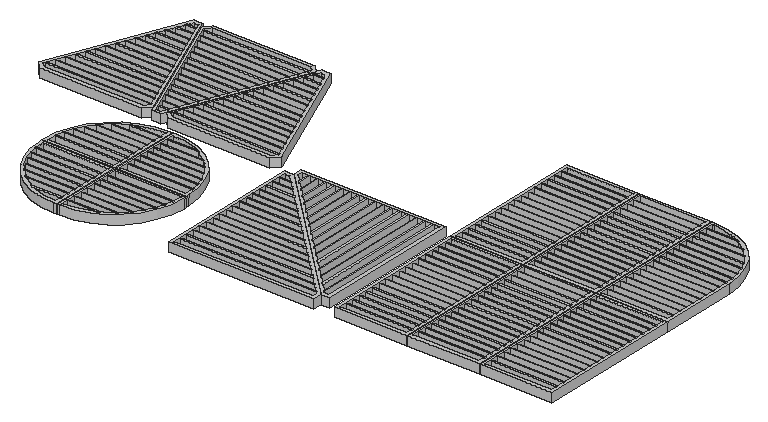
Revit family "CDL-WFD-006_MARTHA'S_RFA", category Modelos genéricos, Revit 2022 (continued)
Forms (in)
  Extrusion 208, solid, not visible
    sketch origin (0, 24, 0) x (0, 1, 0) y (0, 0, 1)
      loop
        line (0.42351, 2.24072) -> (0.33294, 2.15016) -> (0.33294, 1.7291)
    from 0 to 96.9361
  Extrusion 209, solid, not visible
    sketch origin (0, 48, 0) x (0, 1, 0) y (0, 0, 1)
      loop
        line (0.42221, 1.66259) -> (0.42231, 0.67354)
        arc (0.42231, 0.67354) -> (0.41009, 0.64403) -> (0.38057, 0.6318) r 0.04174
        line (0.38057, 0.6318) -> (-0.00639, 0.6318) -> (-0.00639, 0.59057) -> (0.8874, 0.59057) -> (0.8874, 0.6318) -> (0.49998, 0.6318)
        arc (0.49998, 0.6318) -> (0.47046, 0.64403) -> (0.45824, 0.67354) r 0.04174
        line (0.45824, 0.67354) -> (0.45834, 1.66259)
        arc (0.45834, 1.66259) -> (0.46543, 1.67969) -> (0.48252, 1.68677) r 0.02418
        line (0.48252, 1.68677) -> (0.52252, 1.68677)
        arc (0.52252, 1.68677) -> (0.55303, 1.69941) -> (0.56566, 1.72991) r 0.04314
        line (0.56566, 1.72991) -> (0.56566, 2.14095)
        arc (0.56566, 2.14095) -> (0.5626, 2.15637) -> (0.55386, 2.16944) r 0.04029
        line (0.55386, 2.16944) -> (0.47053, 2.25277)
        arc (0.47053, 2.25277) -> (0.44027, 2.2653) -> (0.41002, 2.25277) r 0.04279
        line (0.41002, 2.25277) -> (0.32669, 2.16944)
        arc (0.32669, 2.16944) -> (0.31795, 2.15637) -> (0.31489, 2.14095) r 0.04029
        line (0.31489, 2.14095) -> (0.31489, 1.72991)
        arc (0.31489, 1.72991) -> (0.32752, 1.69941) -> (0.35803, 1.68677) r 0.04314
        line (0.35803, 1.68677) -> (0.39803, 1.68677)
        arc (0.39803, 1.68677) -> (0.41512, 1.67969) -> (0.42221, 1.66259) r 0.02418
      loop
        arc (0.33294, 1.7291) -> (0.34005, 1.71194) -> (0.35722, 1.70483) r 0.02428
        line (0.35722, 1.70483) -> (0.39815, 1.70483)
        arc (0.39815, 1.70483) -> (0.42797, 1.69248) -> (0.44023, 1.66266) r 0.04217
        arc (0.44023, 1.66266) -> (0.45258, 1.69248) -> (0.4824, 1.70483) r 0.04217
        line (0.4824, 1.70483) -> (0.52333, 1.70483)
        arc (0.52333, 1.70483) -> (0.54049, 1.71194) -> (0.54761, 1.7291) r 0.02428
        line (0.54761, 1.7291) -> (0.54761, 2.15016) -> (0.45704, 2.24072)
        arc (0.45704, 2.24072) -> (0.44027, 2.24767) -> (0.42351, 2.24072) r 0.02371
        line (0.42351, 2.24072) -> (0.33294, 2.15016) -> (0.33294, 1.7291)
    from 0 to 96.9361
  Extrusion 210, solid, not visible
    sketch origin (0, 72, 0) x (0, 1, 0) y (0, 0, 1)
      loop
        line (0.42221, 1.66259) -> (0.42231, 0.67354)
        arc (0.42231, 0.67354) -> (0.41009, 0.64403) -> (0.38057, 0.6318) r 0.04174
        line (0.38057, 0.6318) -> (-0.00639, 0.6318) -> (-0.00639, 0.59057) -> (0.8874, 0.59057) -> (0.8874, 0.6318) -> (0.49998, 0.6318)
        arc (0.49998, 0.6318) -> (0.47046, 0.64403) -> (0.45824, 0.67354) r 0.04174
        line (0.45824, 0.67354) -> (0.45834, 1.66259)
        arc (0.45834, 1.66259) -> (0.46543, 1.67969) -> (0.48252, 1.68677) r 0.02418
        line (0.48252, 1.68677) -> (0.52252, 1.68677)
        arc (0.52252, 1.68677) -> (0.55303, 1.69941) -> (0.56566, 1.72991) r 0.04314
        line (0.56566, 1.72991) -> (0.56566, 2.14095)
        arc (0.56566, 2.14095) -> (0.5626, 2.15637) -> (0.55386, 2.16944) r 0.04029
        line (0.55386, 2.16944) -> (0.47053, 2.25277)
        arc (0.47053, 2.25277) -> (0.44027, 2.2653) -> (0.41002, 2.25277) r 0.04279
        line (0.41002, 2.25277) -> (0.32669, 2.16944)
        arc (0.32669, 2.16944) -> (0.31795, 2.15637) -> (0.31489, 2.14095) r 0.04029
        line (0.31489, 2.14095) -> (0.31489, 1.72991)
        arc (0.31489, 1.72991) -> (0.32752, 1.69941) -> (0.35803, 1.68677) r 0.04314
        line (0.35803, 1.68677) -> (0.39803, 1.68677)
        arc (0.39803, 1.68677) -> (0.41512, 1.67969) -> (0.42221, 1.66259) r 0.02418
      loop
        arc (0.33294, 1.7291) -> (0.34005, 1.71194) -> (0.35722, 1.70483) r 0.02428
        line (0.35722, 1.70483) -> (0.39815, 1.70483)
        arc (0.39815, 1.70483) -> (0.42797, 1.69248) -> (0.44023, 1.66266) r 0.04217
        arc (0.44023, 1.66266) -> (0.45258, 1.69248) -> (0.4824, 1.70483) r 0.04217
        line (0.4824, 1.70483) -> (0.52333, 1.70483)
        arc (0.52333, 1.70483) -> (0.54049, 1.71194) -> (0.54761, 1.7291) r 0.02428
        line (0.54761, 1.7291) -> (0.54761, 2.15016) -> (0.45704, 2.24072)
        arc (0.45704, 2.24072) -> (0.44027, 2.24767) -> (0.42351, 2.24072) r 0.02371
        line (0.42351, 2.24072) -> (0.33294, 2.15016) -> (0.33294, 1.7291)
    from 0 to 96.9361
  Extrusion 211, solid, not visible
    sketch origin (0, 96, 0) x (0, 1, 0) y (0, 0, 1)
      loop
        line (0.42221, 1.66259) -> (0.42231, 0.67354)
        arc (0.42231, 0.67354) -> (0.41009, 0.64403) -> (0.38057, 0.6318) r 0.04174
        line (0.38057, 0.6318) -> (-0.00639, 0.6318) -> (-0.00639, 0.59057) -> (0.8874, 0.59057) -> (0.8874, 0.6318) -> (0.49998, 0.6318)
        arc (0.49998, 0.6318) -> (0.47046, 0.64403) -> (0.45824, 0.67354) r 0.04174
        line (0.45824, 0.67354) -> (0.45834, 1.66259)
        arc (0.45834, 1.66259) -> (0.46543, 1.67969) -> (0.48252, 1.68677) r 0.02418
        line (0.48252, 1.68677) -> (0.52252, 1.68677)
        arc (0.52252, 1.68677) -> (0.55303, 1.69941) -> (0.56566, 1.72991) r 0.04314
        line (0.56566, 1.72991) -> (0.56566, 2.14095)
        arc (0.56566, 2.14095) -> (0.5626, 2.15637) -> (0.55386, 2.16944) r 0.04029
        line (0.55386, 2.16944) -> (0.47053, 2.25277)
        arc (0.47053, 2.25277) -> (0.44027, 2.2653) -> (0.41002, 2.25277) r 0.04279
        line (0.41002, 2.25277) -> (0.32669, 2.16944)
        arc (0.32669, 2.16944) -> (0.31795, 2.15637) -> (0.31489, 2.14095) r 0.04029
        line (0.31489, 2.14095) -> (0.31489, 1.72991)
        arc (0.31489, 1.72991) -> (0.32752, 1.69941) -> (0.35803, 1.68677) r 0.04314
        line (0.35803, 1.68677) -> (0.39803, 1.68677)
        arc (0.39803, 1.68677) -> (0.41512, 1.67969) -> (0.42221, 1.66259) r 0.02418
      loop
        arc (0.33294, 1.7291) -> (0.34005, 1.71194) -> (0.35722, 1.70483) r 0.02428
        line (0.35722, 1.70483) -> (0.39815, 1.70483)
        arc (0.39815, 1.70483) -> (0.42797, 1.69248) -> (0.44023, 1.66266) r 0.04217
        arc (0.44023, 1.66266) -> (0.45258, 1.69248) -> (0.4824, 1.70483) r 0.04217
        line (0.4824, 1.70483) -> (0.52333, 1.70483)
        arc (0.52333, 1.70483) -> (0.54049, 1.71194) -> (0.54761, 1.7291) r 0.02428
        line (0.54761, 1.7291) -> (0.54761, 2.15016) -> (0.45704, 2.24072)
        arc (0.45704, 2.24072) -> (0.44027, 2.24767) -> (0.42351, 2.24072) r 0.02371
        line (0.42351, 2.24072) -> (0.33294, 2.15016) -> (0.33294, 1.7291)
    from 0 to 96.9361
  Extrusion 212, solid, not visible
    sketch origin (48.02754, 154.90856, 0) x (1, 0, 0) y (0, 0, 1)
      loop
        line (0.42221, 1.66259) -> (0.42231, 0.67354)
        arc (0.42231, 0.67354) -> (0.41009, 0.64403) -> (0.38057, 0.6318) r 0.04174
        line (0.38057, 0.6318) -> (-0.00639, 0.6318) -> (-0.00639, 0.59057) -> (0.8874, 0.59057) -> (0.8874, 0.6318) -> (0.49998, 0.6318)
        arc (0.49998, 0.6318) -> (0.47046, 0.64403) -> (0.45824, 0.67354) r 0.04174
        line (0.45824, 0.67354) -> (0.45834, 1.66259)
        arc (0.45834, 1.66259) -> (0.46543, 1.67969) -> (0.48252, 1.68677) r 0.02418
        line (0.48252, 1.68677) -> (0.52252, 1.68677)
        arc (0.52252, 1.68677) -> (0.55303, 1.69941) -> (0.56566, 1.72991) r 0.04314
        line (0.56566, 1.72991) -> (0.56566, 2.14095)
        arc (0.56566, 2.14095) -> (0.5626, 2.15637) -> (0.55386, 2.16944) r 0.04029
        line (0.55386, 2.16944) -> (0.47053, 2.25277)
        arc (0.47053, 2.25277) -> (0.44027, 2.2653) -> (0.41002, 2.25277) r 0.04279
        line (0.41002, 2.25277) -> (0.32669, 2.16944)
        arc (0.32669, 2.16944) -> (0.31795, 2.15637) -> (0.31489, 2.14095) r 0.04029
        line (0.31489, 2.14095) -> (0.31489, 1.72991)
        arc (0.31489, 1.72991) -> (0.32752, 1.69941) -> (0.35803, 1.68677) r 0.04314
        line (0.35803, 1.68677) -> (0.39803, 1.68677)
        arc (0.39803, 1.68677) -> (0.41512, 1.67969) -> (0.42221, 1.66259) r 0.02418
      loop
        arc (0.33294, 1.7291) -> (0.34005, 1.71194) -> (0.35722, 1.70483) r 0.02428
        line (0.35722, 1.70483) -> (0.39815, 1.70483)
        arc (0.39815, 1.70483) -> (0.42797, 1.69248) -> (0.44023, 1.66266) r 0.04217
        arc (0.44023, 1.66266) -> (0.45258, 1.69248) -> (0.4824, 1.70483) r 0.04217
        line (0.4824, 1.70483) -> (0.52333, 1.70483)
        arc (0.52333, 1.70483) -> (0.54049, 1.71194) -> (0.54761, 1.7291) r 0.02428
        line (0.54761, 1.7291) -> (0.54761, 2.15016) -> (0.45704, 2.24072)
        arc (0.45704, 2.24072) -> (0.44027, 2.24767) -> (0.42351, 2.24072) r 0.02371
        line (0.42351, 2.24072) -> (0.33294, 2.15016) -> (0.33294, 1.7291)
    from 58.93614 to 81.99864
  Extrusion 213, solid, not visible
    sketch origin (72.02767, 154.90856, 0) x (1, 0, 0) y (0, 0, 1)
      loop
        line (0.42221, 1.66259) -> (0.42231, 0.67354)
        arc (0.42231, 0.67354) -> (0.41009, 0.64403) -> (0.38057, 0.6318) r 0.04174
        line (0.38057, 0.6318) -> (-0.00639, 0.6318) -> (-0.00639, 0.59057) -> (0.8874, 0.59057) -> (0.8874, 0.6318) -> (0.49998, 0.6318)
        arc (0.49998, 0.6318) -> (0.47046, 0.64403) -> (0.45824, 0.67354) r 0.04174
        line (0.45824, 0.67354) -> (0.45834, 1.66259)
        arc (0.45834, 1.66259) -> (0.46543, 1.67969) -> (0.48252, 1.68677) r 0.02418
        line (0.48252, 1.68677) -> (0.52252, 1.68677)
        arc (0.52252, 1.68677) -> (0.55303, 1.69941) -> (0.56566, 1.72991) r 0.04314
        line (0.56566, 1.72991) -> (0.56566, 2.14095)
        arc (0.56566, 2.14095) -> (0.5626, 2.15637) -> (0.55386, 2.16944) r 0.04029
        line (0.55386, 2.16944) -> (0.47053, 2.25277)
        arc (0.47053, 2.25277) -> (0.44027, 2.2653) -> (0.41002, 2.25277) r 0.04279
        line (0.41002, 2.25277) -> (0.32669, 2.16944)
        arc (0.32669, 2.16944) -> (0.31795, 2.15637) -> (0.31489, 2.14095) r 0.04029
        line (0.31489, 2.14095) -> (0.31489, 1.72991)
        arc (0.31489, 1.72991) -> (0.32752, 1.69941) -> (0.35803, 1.68677) r 0.04314
        line (0.35803, 1.68677) -> (0.39803, 1.68677)
        arc (0.39803, 1.68677) -> (0.41512, 1.67969) -> (0.42221, 1.66259) r 0.02418
      loop
        arc (0.33294, 1.7291) -> (0.34005, 1.71194) -> (0.35722, 1.70483) r 0.02428
        line (0.35722, 1.70483) -> (0.39815, 1.70483)
        arc (0.39815, 1.70483) -> (0.42797, 1.69248) -> (0.44023, 1.66266) r 0.04217
        arc (0.44023, 1.66266) -> (0.45258, 1.69248) -> (0.4824, 1.70483) r 0.04217
        line (0.4824, 1.70483) -> (0.52333, 1.70483)
        arc (0.52333, 1.70483) -> (0.54049, 1.71194) -> (0.54761, 1.7291) r 0.02428
        line (0.54761, 1.7291) -> (0.54761, 2.15016) -> (0.45704, 2.24072)
        arc (0.45704, 2.24072) -> (0.44027, 2.24767) -> (0.42351, 2.24072) r 0.02371
        line (0.42351, 2.24072) -> (0.33294, 2.15016) -> (0.33294, 1.7291)
    from 58.93614 to 81.99864
  Extrusion 214, solid, not visible
    sketch origin (96.02767, 154.90856, 0) x (1, 0, 0) y (0, 0, 1)
      loop
        line (0.42221, 1.66259) -> (0.42231, 0.67354)
        arc (0.42231, 0.67354) -> (0.41009, 0.64403) -> (0.38057, 0.6318) r 0.04174
        line (0.38057, 0.6318) -> (-0.00639, 0.6318) -> (-0.00639, 0.59057) -> (0.8874, 0.59057) -> (0.8874, 0.6318) -> (0.49998, 0.6318)
        arc (0.49998, 0.6318) -> (0.47046, 0.64403) -> (0.45824, 0.67354) r 0.04174
        line (0.45824, 0.67354) -> (0.45834, 1.66259)
        arc (0.45834, 1.66259) -> (0.46543, 1.67969) -> (0.48252, 1.68677) r 0.02418
        line (0.48252, 1.68677) -> (0.52252, 1.68677)
        arc (0.52252, 1.68677) -> (0.55303, 1.69941) -> (0.56566, 1.72991) r 0.04314
        line (0.56566, 1.72991) -> (0.56566, 2.14095)
        arc (0.56566, 2.14095) -> (0.5626, 2.15637) -> (0.55386, 2.16944) r 0.04029
        line (0.55386, 2.16944) -> (0.47053, 2.25277)
        arc (0.47053, 2.25277) -> (0.44027, 2.2653) -> (0.41002, 2.25277) r 0.04279
        line (0.41002, 2.25277) -> (0.32669, 2.16944)
        arc (0.32669, 2.16944) -> (0.31795, 2.15637) -> (0.31489, 2.14095) r 0.04029
        line (0.31489, 2.14095) -> (0.31489, 1.72991)
        arc (0.31489, 1.72991) -> (0.32752, 1.69941) -> (0.35803, 1.68677) r 0.04314
        line (0.35803, 1.68677) -> (0.39803, 1.68677)
        arc (0.39803, 1.68677) -> (0.41512, 1.67969) -> (0.42221, 1.66259) r 0.02418
      loop
        arc (0.33294, 1.7291) -> (0.34005, 1.71194) -> (0.35722, 1.70483) r 0.02428
        line (0.35722, 1.70483) -> (0.39815, 1.70483)
        arc (0.39815, 1.70483) -> (0.42797, 1.69248) -> (0.44023, 1.66266) r 0.04217
        arc (0.44023, 1.66266) -> (0.45258, 1.69248) -> (0.4824, 1.70483) r 0.04217
        line (0.4824, 1.70483) -> (0.52333, 1.70483)
        arc (0.52333, 1.70483) -> (0.54049, 1.71194) -> (0.54761, 1.7291) r 0.02428
        line (0.54761, 1.7291) -> (0.54761, 2.15016) -> (0.45704, 2.24072)
        arc (0.45704, 2.24072) -> (0.44027, 2.24767) -> (0.42351, 2.24072) r 0.02371
        line (0.42351, 2.24072) -> (0.33294, 2.15016) -> (0.33294, 1.7291)
    from 58.93614 to 81.99864
  Extrusion 215, solid, not visible
    sketch origin (24.02767, 154.90856, 0) x (1, 0, 0) y (0, 0, 1)
      loop
        line (0.42221, 1.66259) -> (0.42231, 0.67354)
        arc (0.42231, 0.67354) -> (0.41009, 0.64403) -> (0.38057, 0.6318) r 0.04174
        line (0.38057, 0.6318) -> (-0.00639, 0.6318) -> (-0.00639, 0.59057) -> (0.8874, 0.59057) -> (0.8874, 0.6318) -> (0.49998, 0.6318)
        arc (0.49998, 0.6318) -> (0.47046, 0.64403) -> (0.45824, 0.67354) r 0.04174
        line (0.45824, 0.67354) -> (0.45834, 1.66259)
        arc (0.45834, 1.66259) -> (0.46543, 1.67969) -> (0.48252, 1.68677) r 0.02418
        line (0.48252, 1.68677) -> (0.52252, 1.68677)
        arc (0.52252, 1.68677) -> (0.55303, 1.69941) -> (0.56566, 1.72991) r 0.04314
        line (0.56566, 1.72991) -> (0.56566, 2.14095)
        arc (0.56566, 2.14095) -> (0.5626, 2.15637) -> (0.55386, 2.16944) r 0.04029
        line (0.55386, 2.16944) -> (0.47053, 2.25277)
        arc (0.47053, 2.25277) -> (0.44027, 2.2653) -> (0.41002, 2.25277) r 0.04279
        line (0.41002, 2.25277) -> (0.32669, 2.16944)
        arc (0.32669, 2.16944) -> (0.31795, 2.15637) -> (0.31489, 2.14095) r 0.04029
        line (0.31489, 2.14095) -> (0.31489, 1.72991)
        arc (0.31489, 1.72991) -> (0.32752, 1.69941) -> (0.35803, 1.68677) r 0.04314
        line (0.35803, 1.68677) -> (0.39803, 1.68677)
        arc (0.39803, 1.68677) -> (0.41512, 1.67969) -> (0.42221, 1.66259) r 0.02418
      loop
        arc (0.33294, 1.7291) -> (0.34005, 1.71194) -> (0.35722, 1.70483) r 0.02428
        line (0.35722, 1.70483) -> (0.39815, 1.70483)
        arc (0.39815, 1.70483) -> (0.42797, 1.69248) -> (0.44023, 1.66266) r 0.04217
        arc (0.44023, 1.66266) -> (0.45258, 1.69248) -> (0.4824, 1.70483) r 0.04217
        line (0.4824, 1.70483) -> (0.52333, 1.70483)
        arc (0.52333, 1.70483) -> (0.54049, 1.71194) -> (0.54761, 1.7291) r 0.02428
        line (0.54761, 1.7291) -> (0.54761, 2.15016) -> (0.45704, 2.24072)
        arc (0.45704, 2.24072) -> (0.44027, 2.24767) -> (0.42351, 2.24072) r 0.02371
        line (0.42351, 2.24072) -> (0.33294, 2.15016) -> (0.33294, 1.7291)
    from 58.93614 to 81.99864
  Extrusion 216, solid, not visible
    sketch origin (0.02767, 154.90856, 0) x (1, 0, 0) y (0, 0, 1)
      loop
        line (0.42221, 1.66259) -> (0.42231, 0.67354)
        arc (0.42231, 0.67354) -> (0.41009, 0.64403) -> (0.38057, 0.6318) r 0.04174
        line (0.38057, 0.6318) -> (-0.00639, 0.6318) -> (-0.00639, 0.59057) -> (0.8874, 0.59057) -> (0.8874, 0.6318) -> (0.49998, 0.6318)
        arc (0.49998, 0.6318) -> (0.47046, 0.64403) -> (0.45824, 0.67354) r 0.04174
        line (0.45824, 0.67354) -> (0.45834, 1.66259)
        arc (0.45834, 1.66259) -> (0.46543, 1.67969) -> (0.48252, 1.68677) r 0.02418
        line (0.48252, 1.68677) -> (0.52252, 1.68677)
        arc (0.52252, 1.68677) -> (0.55303, 1.69941) -> (0.56566, 1.72991) r 0.04314
        line (0.56566, 1.72991) -> (0.56566, 2.14095)
        arc (0.56566, 2.14095) -> (0.5626, 2.15637) -> (0.55386, 2.16944) r 0.04029
        line (0.55386, 2.16944) -> (0.47053, 2.25277)
        arc (0.47053, 2.25277) -> (0.44027, 2.2653) -> (0.41002, 2.25277) r 0.04279
        line (0.41002, 2.25277) -> (0.32669, 2.16944)
        arc (0.32669, 2.16944) -> (0.31795, 2.15637) -> (0.31489, 2.14095) r 0.04029
        line (0.31489, 2.14095) -> (0.31489, 1.72991)
        arc (0.31489, 1.72991) -> (0.32752, 1.69941) -> (0.35803, 1.68677) r 0.04314
        line (0.35803, 1.68677) -> (0.39803, 1.68677)
        arc (0.39803, 1.68677) -> (0.41512, 1.67969) -> (0.42221, 1.66259) r 0.02418
      loop
        arc (0.33294, 1.7291) -> (0.34005, 1.71194) -> (0.35722, 1.70483) r 0.02428
        line (0.35722, 1.70483) -> (0.39815, 1.70483)
        arc (0.39815, 1.70483) -> (0.42797, 1.69248) -> (0.44023, 1.66266) r 0.04217
        arc (0.44023, 1.66266) -> (0.45258, 1.69248) -> (0.4824, 1.70483) r 0.04217
        line (0.4824, 1.70483) -> (0.52333, 1.70483)
        arc (0.52333, 1.70483) -> (0.54049, 1.71194) -> (0.54761, 1.7291) r 0.02428
        line (0.54761, 1.7291) -> (0.54761, 2.15016) -> (0.45704, 2.24072)
        arc (0.45704, 2.24072) -> (0.44027, 2.24767) -> (0.42351, 2.24072) r 0.02371
        line (0.42351, 2.24072) -> (0.33294, 2.15016) -> (0.33294, 1.7291)
    from 58.93614 to 81.99864
  Extrusion 217, solid, not visible
    sketch origin (48.02754, 130.90855, 0) x (1, 0, 0) y (0, 0, 1)
      loop
        line (0.42221, 1.66259) -> (0.42231, 0.67354)
        arc (0.42231, 0.67354) -> (0.41009, 0.64403) -> (0.38057, 0.6318) r 0.04174
        line (0.38057, 0.6318) -> (-0.00639, 0.6318) -> (-0.00639, 0.59057) -> (0.8874, 0.59057) -> (0.8874, 0.6318) -> (0.49998, 0.6318)
        arc (0.49998, 0.6318) -> (0.47046, 0.64403) -> (0.45824, 0.67354) r 0.04174
        line (0.45824, 0.67354) -> (0.45834, 1.66259)
        arc (0.45834, 1.66259) -> (0.46543, 1.67969) -> (0.48252, 1.68677) r 0.02418
        line (0.48252, 1.68677) -> (0.52252, 1.68677)
        arc (0.52252, 1.68677) -> (0.55303, 1.69941) -> (0.56566, 1.72991) r 0.04314
        line (0.56566, 1.72991) -> (0.56566, 2.14095)
        arc (0.56566, 2.14095) -> (0.5626, 2.15637) -> (0.55386, 2.16944) r 0.04029
        line (0.55386, 2.16944) -> (0.47053, 2.25277)
        arc (0.47053, 2.25277) -> (0.44027, 2.2653) -> (0.41002, 2.25277) r 0.04279
        line (0.41002, 2.25277) -> (0.32669, 2.16944)
        arc (0.32669, 2.16944) -> (0.31795, 2.15637) -> (0.31489, 2.14095) r 0.04029
        line (0.31489, 2.14095) -> (0.31489, 1.72991)
        arc (0.31489, 1.72991) -> (0.32752, 1.69941) -> (0.35803, 1.68677) r 0.04314
        line (0.35803, 1.68677) -> (0.39803, 1.68677)
        arc (0.39803, 1.68677) -> (0.41512, 1.67969) -> (0.42221, 1.66259) r 0.02418
      loop
        arc (0.33294, 1.7291) -> (0.34005, 1.71194) -> (0.35722, 1.70483) r 0.02428
        line (0.35722, 1.70483) -> (0.39815, 1.70483)
        arc (0.39815, 1.70483) -> (0.42797, 1.69248) -> (0.44023, 1.66266) r 0.04217
        arc (0.44023, 1.66266) -> (0.45258, 1.69248) -> (0.4824, 1.70483) r 0.04217
        line (0.4824, 1.70483) -> (0.52333, 1.70483)
        arc (0.52333, 1.70483) -> (0.54049, 1.71194) -> (0.54761, 1.7291) r 0.02428
        line (0.54761, 1.7291) -> (0.54761, 2.15016) -> (0.45704, 2.24072)
        arc (0.45704, 2.24072) -> (0.44027, 2.24767) -> (0.42351, 2.24072) r 0.02371
        line (0.42351, 2.24072) -> (0.33294, 2.15016) -> (0.33294, 1.7291)
    from 58.93614 to 81.99864
  Extrusion 218, solid, not visible
    sketch origin (72.02767, 130.90855, 0) x (1, 0, 0) y (0, 0, 1)
      loop
        line (0.42221, 1.66259) -> (0.42231, 0.67354)
        arc (0.42231, 0.67354) -> (0.41009, 0.64403) -> (0.38057, 0.6318) r 0.04174
        line (0.38057, 0.6318) -> (-0.00639, 0.6318) -> (-0.00639, 0.59057) -> (0.8874, 0.59057) -> (0.8874, 0.6318) -> (0.49998, 0.6318)
        arc (0.49998, 0.6318) -> (0.47046, 0.64403) -> (0.45824, 0.67354) r 0.04174
        line (0.45824, 0.67354) -> (0.45834, 1.66259)
        arc (0.45834, 1.66259) -> (0.46543, 1.67969) -> (0.48252, 1.68677) r 0.02418
        line (0.48252, 1.68677) -> (0.52252, 1.68677)
        arc (0.52252, 1.68677) -> (0.55303, 1.69941) -> (0.56566, 1.72991) r 0.04314
        line (0.56566, 1.72991) -> (0.56566, 2.14095)
        arc (0.56566, 2.14095) -> (0.5626, 2.15637) -> (0.55386, 2.16944) r 0.04029
        line (0.55386, 2.16944) -> (0.47053, 2.25277)
        arc (0.47053, 2.25277) -> (0.44027, 2.2653) -> (0.41002, 2.25277) r 0.04279
        line (0.41002, 2.25277) -> (0.32669, 2.16944)
        arc (0.32669, 2.16944) -> (0.31795, 2.15637) -> (0.31489, 2.14095) r 0.04029
        line (0.31489, 2.14095) -> (0.31489, 1.72991)
        arc (0.31489, 1.72991) -> (0.32752, 1.69941) -> (0.35803, 1.68677) r 0.04314
        line (0.35803, 1.68677) -> (0.39803, 1.68677)
        arc (0.39803, 1.68677) -> (0.41512, 1.67969) -> (0.42221, 1.66259) r 0.02418
      loop
        arc (0.33294, 1.7291) -> (0.34005, 1.71194) -> (0.35722, 1.70483) r 0.02428
        line (0.35722, 1.70483) -> (0.39815, 1.70483)
        arc (0.39815, 1.70483) -> (0.42797, 1.69248) -> (0.44023, 1.66266) r 0.04217
        arc (0.44023, 1.66266) -> (0.45258, 1.69248) -> (0.4824, 1.70483) r 0.04217
        line (0.4824, 1.70483) -> (0.52333, 1.70483)
        arc (0.52333, 1.70483) -> (0.54049, 1.71194) -> (0.54761, 1.7291) r 0.02428
        line (0.54761, 1.7291) -> (0.54761, 2.15016) -> (0.45704, 2.24072)
        arc (0.45704, 2.24072) -> (0.44027, 2.24767) -> (0.42351, 2.24072) r 0.02371
        line (0.42351, 2.24072) -> (0.33294, 2.15016) -> (0.33294, 1.7291)
    from 58.93614 to 81.99864
  Extrusion 219, solid, not visible
    sketch origin (96.02767, 130.90855, 0) x (1, 0, 0) y (0, 0, 1)
      loop
        line (0.42221, 1.66259) -> (0.42231, 0.67354)
        arc (0.42231, 0.67354) -> (0.41009, 0.64403) -> (0.38057, 0.6318) r 0.04174
        line (0.38057, 0.6318) -> (-0.00639, 0.6318) -> (-0.00639, 0.59057) -> (0.8874, 0.59057) -> (0.8874, 0.6318) -> (0.49998, 0.6318)
        arc (0.49998, 0.6318) -> (0.47046, 0.64403) -> (0.45824, 0.67354) r 0.04174
        line (0.45824, 0.67354) -> (0.45834, 1.66259)
        arc (0.45834, 1.66259) -> (0.46543, 1.67969) -> (0.48252, 1.68677) r 0.02418
        line (0.48252, 1.68677) -> (0.52252, 1.68677)
        arc (0.52252, 1.68677) -> (0.55303, 1.69941) -> (0.56566, 1.72991) r 0.04314
        line (0.56566, 1.72991) -> (0.56566, 2.14095)
        arc (0.56566, 2.14095) -> (0.5626, 2.15637) -> (0.55386, 2.16944) r 0.04029
        line (0.55386, 2.16944) -> (0.47053, 2.25277)
        arc (0.47053, 2.25277) -> (0.44027, 2.2653) -> (0.41002, 2.25277) r 0.04279
        line (0.41002, 2.25277) -> (0.32669, 2.16944)
        arc (0.32669, 2.16944) -> (0.31795, 2.15637) -> (0.31489, 2.14095) r 0.04029
        line (0.31489, 2.14095) -> (0.31489, 1.72991)
        arc (0.31489, 1.72991) -> (0.32752, 1.69941) -> (0.35803, 1.68677) r 0.04314
        line (0.35803, 1.68677) -> (0.39803, 1.68677)
        arc (0.39803, 1.68677) -> (0.41512, 1.67969) -> (0.42221, 1.66259) r 0.02418
      loop
        arc (0.33294, 1.7291) -> (0.34005, 1.71194) -> (0.35722, 1.70483) r 0.02428
        line (0.35722, 1.70483) -> (0.39815, 1.70483)
        arc (0.39815, 1.70483) -> (0.42797, 1.69248) -> (0.44023, 1.66266) r 0.04217
        arc (0.44023, 1.66266) -> (0.45258, 1.69248) -> (0.4824, 1.70483) r 0.04217
        line (0.4824, 1.70483) -> (0.52333, 1.70483)
        arc (0.52333, 1.70483) -> (0.54049, 1.71194) -> (0.54761, 1.7291) r 0.02428
        line (0.54761, 1.7291) -> (0.54761, 2.15016) -> (0.45704, 2.24072)
        arc (0.45704, 2.24072) -> (0.44027, 2.24767) -> (0.42351, 2.24072) r 0.02371
        line (0.42351, 2.24072) -> (0.33294, 2.15016) -> (0.33294, 1.7291)
    from 58.93614 to 81.99864
  Extrusion 220, solid, not visible
    sketch origin (24.02767, 130.90855, 0) x (1, 0, 0) y (0, 0, 1)
      loop
        line (0.42221, 1.66259) -> (0.42231, 0.67354)
        arc (0.42231, 0.67354) -> (0.41009, 0.64403) -> (0.38057, 0.6318) r 0.04174
        line (0.38057, 0.6318) -> (-0.00639, 0.6318) -> (-0.00639, 0.59057) -> (0.8874, 0.59057) -> (0.8874, 0.6318) -> (0.49998, 0.6318)
        arc (0.49998, 0.6318) -> (0.47046, 0.64403) -> (0.45824, 0.67354) r 0.04174
        line (0.45824, 0.67354) -> (0.45834, 1.66259)
        arc (0.45834, 1.66259) -> (0.46543, 1.67969) -> (0.48252, 1.68677) r 0.02418
        line (0.48252, 1.68677) -> (0.52252, 1.68677)
        arc (0.52252, 1.68677) -> (0.55303, 1.69941) -> (0.56566, 1.72991) r 0.04314
        line (0.56566, 1.72991) -> (0.56566, 2.14095)
        arc (0.56566, 2.14095) -> (0.5626, 2.15637) -> (0.55386, 2.16944) r 0.04029
        line (0.55386, 2.16944) -> (0.47053, 2.25277)
        arc (0.47053, 2.25277) -> (0.44027, 2.2653) -> (0.41002, 2.25277) r 0.04279
        line (0.41002, 2.25277) -> (0.32669, 2.16944)
        arc (0.32669, 2.16944) -> (0.31795, 2.15637) -> (0.31489, 2.14095) r 0.04029
        line (0.31489, 2.14095) -> (0.31489, 1.72991)
        arc (0.31489, 1.72991) -> (0.32752, 1.69941) -> (0.35803, 1.68677) r 0.04314
        line (0.35803, 1.68677) -> (0.39803, 1.68677)
        arc (0.39803, 1.68677) -> (0.41512, 1.67969) -> (0.42221, 1.66259) r 0.02418
      loop
        arc (0.33294, 1.7291) -> (0.34005, 1.71194) -> (0.35722, 1.70483) r 0.02428
        line (0.35722, 1.70483) -> (0.39815, 1.70483)
        arc (0.39815, 1.70483) -> (0.42797, 1.69248) -> (0.44023, 1.66266) r 0.04217
        arc (0.44023, 1.66266) -> (0.45258, 1.69248) -> (0.4824, 1.70483) r 0.04217
        line (0.4824, 1.70483) -> (0.52333, 1.70483)
        arc (0.52333, 1.70483) -> (0.54049, 1.71194) -> (0.54761, 1.7291) r 0.02428
        line (0.54761, 1.7291) -> (0.54761, 2.15016) -> (0.45704, 2.24072)
        arc (0.45704, 2.24072) -> (0.44027, 2.24767) -> (0.42351, 2.24072) r 0.02371
        line (0.42351, 2.24072) -> (0.33294, 2.15016) -> (0.33294, 1.7291)
    from 58.93614 to 81.99864
  Extrusion 221, solid, not visible
    sketch origin (0.02767, 130.90855, 0) x (1, 0, 0) y (0, 0, 1)
      loop
        line (0.42221, 1.66259) -> (0.42231, 0.67354)
        arc (0.42231, 0.67354) -> (0.41009, 0.64403) -> (0.38057, 0.6318) r 0.04174
        line (0.38057, 0.6318) -> (-0.00639, 0.6318) -> (-0.00639, 0.59057) -> (0.8874, 0.59057) -> (0.8874, 0.6318) -> (0.49998, 0.6318)
        arc (0.49998, 0.6318) -> (0.47046, 0.64403) -> (0.45824, 0.67354) r 0.04174
        line (0.45824, 0.67354) -> (0.45834, 1.66259)
        arc (0.45834, 1.66259) -> (0.46543, 1.67969) -> (0.48252, 1.68677) r 0.02418
        line (0.48252, 1.68677) -> (0.52252, 1.68677)
        arc (0.52252, 1.68677) -> (0.55303, 1.69941) -> (0.56566, 1.72991) r 0.04314
        line (0.56566, 1.72991) -> (0.56566, 2.14095)
        arc (0.56566, 2.14095) -> (0.5626, 2.15637) -> (0.55386, 2.16944) r 0.04029
        line (0.55386, 2.16944) -> (0.47053, 2.25277)
        arc (0.47053, 2.25277) -> (0.44027, 2.2653) -> (0.41002, 2.25277) r 0.04279
        line (0.41002, 2.25277) -> (0.32669, 2.16944)
        arc (0.32669, 2.16944) -> (0.31795, 2.15637) -> (0.31489, 2.14095) r 0.04029
        line (0.31489, 2.14095) -> (0.31489, 1.72991)
        arc (0.31489, 1.72991) -> (0.32752, 1.69941) -> (0.35803, 1.68677) r 0.04314
        line (0.35803, 1.68677) -> (0.39803, 1.68677)
        arc (0.39803, 1.68677) -> (0.41512, 1.67969) -> (0.42221, 1.66259) r 0.02418
      loop
        arc (0.33294, 1.7291) -> (0.34005, 1.71194) -> (0.35722, 1.70483) r 0.02428
        line (0.35722, 1.70483) -> (0.39815, 1.70483)
        arc (0.39815, 1.70483) -> (0.42797, 1.69248) -> (0.44023, 1.66266) r 0.04217
        arc (0.44023, 1.66266) -> (0.45258, 1.69248) -> (0.4824, 1.70483) r 0.04217
        line (0.4824, 1.70483) -> (0.52333, 1.70483)
        arc (0.52333, 1.70483) -> (0.54049, 1.71194) -> (0.54761, 1.7291) r 0.02428
        line (0.54761, 1.7291) -> (0.54761, 2.15016) -> (0.45704, 2.24072)
        arc (0.45704, 2.24072) -> (0.44027, 2.24767) -> (0.42351, 2.24072) r 0.02371
        line (0.42351, 2.24072) -> (0.33294, 2.15016) -> (0.33294, 1.7291)
    from 58.93614 to 81.99864
  Extrusion 222, solid, not visible
    sketch origin (48.02754, 106.90856, 0) x (1, 0, 0) y (0, 0, 1)
      loop
        line (0.42221, 1.66259) -> (0.42231, 0.67354)
        arc (0.42231, 0.67354) -> (0.41009, 0.64403) -> (0.38057, 0.6318) r 0.04174
        line (0.38057, 0.6318) -> (-0.00639, 0.6318) -> (-0.00639, 0.59057) -> (0.8874, 0.59057) -> (0.8874, 0.6318) -> (0.49998, 0.6318)
        arc (0.49998, 0.6318) -> (0.47046, 0.64403) -> (0.45824, 0.67354) r 0.04174
        line (0.45824, 0.67354) -> (0.45834, 1.66259)
        arc (0.45834, 1.66259) -> (0.46543, 1.67969) -> (0.48252, 1.68677) r 0.02418
        line (0.48252, 1.68677) -> (0.52252, 1.68677)
        arc (0.52252, 1.68677) -> (0.55303, 1.69941) -> (0.56566, 1.72991) r 0.04314
        line (0.56566, 1.72991) -> (0.56566, 2.14095)
        arc (0.56566, 2.14095) -> (0.5626, 2.15637) -> (0.55386, 2.16944) r 0.04029
        line (0.55386, 2.16944) -> (0.47053, 2.25277)
        arc (0.47053, 2.25277) -> (0.44027, 2.2653) -> (0.41002, 2.25277) r 0.04279
        line (0.41002, 2.25277) -> (0.32669, 2.16944)
        arc (0.32669, 2.16944) -> (0.31795, 2.15637) -> (0.31489, 2.14095) r 0.04029
        line (0.31489, 2.14095) -> (0.31489, 1.72991)
        arc (0.31489, 1.72991) -> (0.32752, 1.69941) -> (0.35803, 1.68677) r 0.04314
        line (0.35803, 1.68677) -> (0.39803, 1.68677)
        arc (0.39803, 1.68677) -> (0.41512, 1.67969) -> (0.42221, 1.66259) r 0.02418
      loop
        arc (0.33294, 1.7291) -> (0.34005, 1.71194) -> (0.35722, 1.70483) r 0.02428
        line (0.35722, 1.70483) -> (0.39815, 1.70483)
        arc (0.39815, 1.70483) -> (0.42797, 1.69248) -> (0.44023, 1.66266) r 0.04217
        arc (0.44023, 1.66266) -> (0.45258, 1.69248) -> (0.4824, 1.70483) r 0.04217
        line (0.4824, 1.70483) -> (0.52333, 1.70483)
        arc (0.52333, 1.70483) -> (0.54049, 1.71194) -> (0.54761, 1.7291) r 0.02428
        line (0.54761, 1.7291) -> (0.54761, 2.15016) -> (0.45704, 2.24072)
        arc (0.45704, 2.24072) -> (0.44027, 2.24767) -> (0.42351, 2.24072) r 0.02371
        line (0.42351, 2.24072) -> (0.33294, 2.15016) -> (0.33294, 1.7291)
    from 58.93614 to 81.99864
  Extrusion 223, solid, not visible
    sketch origin (72.02767, 106.90856, 0) x (1, 0, 0) y (0, 0, 1)
      loop
        line (0.42221, 1.66259) -> (0.42231, 0.67354)
        arc (0.42231, 0.67354) -> (0.41009, 0.64403) -> (0.38057, 0.6318) r 0.04174
        line (0.38057, 0.6318) -> (-0.00639, 0.6318) -> (-0.00639, 0.59057) -> (0.8874, 0.59057) -> (0.8874, 0.6318) -> (0.49998, 0.6318)
        arc (0.49998, 0.6318) -> (0.47046, 0.64403) -> (0.45824, 0.67354) r 0.04174
        line (0.45824, 0.67354) -> (0.45834, 1.66259)
        arc (0.45834, 1.66259) -> (0.46543, 1.67969) -> (0.48252, 1.68677) r 0.02418
        line (0.48252, 1.68677) -> (0.52252, 1.68677)
        arc (0.52252, 1.68677) -> (0.55303, 1.69941) -> (0.56566, 1.72991) r 0.04314
        line (0.56566, 1.72991) -> (0.56566, 2.14095)
        arc (0.56566, 2.14095) -> (0.5626, 2.15637) -> (0.55386, 2.16944) r 0.04029
        line (0.55386, 2.16944) -> (0.47053, 2.25277)
        arc (0.47053, 2.25277) -> (0.44027, 2.2653) -> (0.41002, 2.25277) r 0.04279
        line (0.41002, 2.25277) -> (0.32669, 2.16944)
        arc (0.32669, 2.16944) -> (0.31795, 2.15637) -> (0.31489, 2.14095) r 0.04029
        line (0.31489, 2.14095) -> (0.31489, 1.72991)
        arc (0.31489, 1.72991) -> (0.32752, 1.69941) -> (0.35803, 1.68677) r 0.04314
        line (0.35803, 1.68677) -> (0.39803, 1.68677)
        arc (0.39803, 1.68677) -> (0.41512, 1.67969) -> (0.42221, 1.66259) r 0.02418
      loop
        arc (0.33294, 1.7291) -> (0.34005, 1.71194) -> (0.35722, 1.70483) r 0.02428
        line (0.35722, 1.70483) -> (0.39815, 1.70483)
        arc (0.39815, 1.70483) -> (0.42797, 1.69248) -> (0.44023, 1.66266) r 0.04217
        arc (0.44023, 1.66266) -> (0.45258, 1.69248) -> (0.4824, 1.70483) r 0.04217
        line (0.4824, 1.70483) -> (0.52333, 1.70483)
        arc (0.52333, 1.70483) -> (0.54049, 1.71194) -> (0.54761, 1.7291) r 0.02428
        line (0.54761, 1.7291) -> (0.54761, 2.15016) -> (0.45704, 2.24072)
        arc (0.45704, 2.24072) -> (0.44027, 2.24767) -> (0.42351, 2.24072) r 0.02371
        line (0.42351, 2.24072) -> (0.33294, 2.15016) -> (0.33294, 1.7291)
    from 58.93614 to 81.99864
  Extrusion 224, solid, not visible
    sketch origin (96.02767, 106.90856, 0) x (1, 0, 0) y (0, 0, 1)
      loop
        line (0.42221, 1.66259) -> (0.42231, 0.67354)
        arc (0.42231, 0.67354) -> (0.41009, 0.64403) -> (0.38057, 0.6318) r 0.04174
        line (0.38057, 0.6318) -> (-0.00639, 0.6318) -> (-0.00639, 0.59057) -> (0.8874, 0.59057) -> (0.8874, 0.6318) -> (0.49998, 0.6318)
        arc (0.49998, 0.6318) -> (0.47046, 0.64403) -> (0.45824, 0.67354) r 0.04174
        line (0.45824, 0.67354) -> (0.45834, 1.66259)
        arc (0.45834, 1.66259) -> (0.46543, 1.67969) -> (0.48252, 1.68677) r 0.02418
        line (0.48252, 1.68677) -> (0.52252, 1.68677)
        arc (0.52252, 1.68677) -> (0.55303, 1.69941) -> (0.56566, 1.72991) r 0.04314
        line (0.56566, 1.72991) -> (0.56566, 2.14095)
        arc (0.56566, 2.14095) -> (0.5626, 2.15637) -> (0.55386, 2.16944) r 0.04029
        line (0.55386, 2.16944) -> (0.47053, 2.25277)
        arc (0.47053, 2.25277) -> (0.44027, 2.2653) -> (0.41002, 2.25277) r 0.04279
        line (0.41002, 2.25277) -> (0.32669, 2.16944)
        arc (0.32669, 2.16944) -> (0.31795, 2.15637) -> (0.31489, 2.14095) r 0.04029
        line (0.31489, 2.14095) -> (0.31489, 1.72991)
        arc (0.31489, 1.72991) -> (0.32752, 1.69941) -> (0.35803, 1.68677) r 0.04314
        line (0.35803, 1.68677) -> (0.39803, 1.68677)
        arc (0.39803, 1.68677) -> (0.41512, 1.67969) -> (0.42221, 1.66259) r 0.02418
      loop
        arc (0.33294, 1.7291) -> (0.34005, 1.71194) -> (0.35722, 1.70483) r 0.02428
        line (0.35722, 1.70483) -> (0.39815, 1.70483)
        arc (0.39815, 1.70483) -> (0.42797, 1.69248) -> (0.44023, 1.66266) r 0.04217
        arc (0.44023, 1.66266) -> (0.45258, 1.69248) -> (0.4824, 1.70483) r 0.04217
        line (0.4824, 1.70483) -> (0.52333, 1.70483)
        arc (0.52333, 1.70483) -> (0.54049, 1.71194) -> (0.54761, 1.7291) r 0.02428
        line (0.54761, 1.7291) -> (0.54761, 2.15016) -> (0.45704, 2.24072)
        arc (0.45704, 2.24072) -> (0.44027, 2.24767) -> (0.42351, 2.24072) r 0.02371
        line (0.42351, 2.24072) -> (0.33294, 2.15016) -> (0.33294, 1.7291)
    from 58.93614 to 81.99864
  Extrusion 225, solid, not visible
    sketch origin (24.02767, 106.90856, 0) x (1, 0, 0) y (0, 0, 1)
      loop
        line (0.42221, 1.66259) -> (0.42231, 0.67354)
        arc (0.42231, 0.67354) -> (0.41009, 0.64403) -> (0.38057, 0.6318) r 0.04174
        line (0.38057, 0.6318) -> (-0.00639, 0.6318) -> (-0.00639, 0.59057) -> (0.8874, 0.59057) -> (0.8874, 0.6318) -> (0.49998, 0.6318)
        arc (0.49998, 0.6318) -> (0.47046, 0.64403) -> (0.45824, 0.67354) r 0.04174
        line (0.45824, 0.67354) -> (0.45834, 1.66259)
        arc (0.45834, 1.66259) -> (0.46543, 1.67969) -> (0.48252, 1.68677) r 0.02418
        line (0.48252, 1.68677) -> (0.52252, 1.68677)
        arc (0.52252, 1.68677) -> (0.55303, 1.69941) -> (0.56566, 1.72991) r 0.04314
        line (0.56566, 1.72991) -> (0.56566, 2.14095)
        arc (0.56566, 2.14095) -> (0.5626, 2.15637) -> (0.55386, 2.16944) r 0.04029
        line (0.55386, 2.16944) -> (0.47053, 2.25277)
        arc (0.47053, 2.25277) -> (0.44027, 2.2653) -> (0.41002, 2.25277) r 0.04279
        line (0.41002, 2.25277) -> (0.32669, 2.16944)
        arc (0.32669, 2.16944) -> (0.31795, 2.15637) -> (0.31489, 2.14095) r 0.04029
        line (0.31489, 2.14095) -> (0.31489, 1.72991)
        arc (0.31489, 1.72991) -> (0.32752, 1.69941) -> (0.35803, 1.68677) r 0.04314
        line (0.35803, 1.68677) -> (0.39803, 1.68677)
        arc (0.39803, 1.68677) -> (0.41512, 1.67969) -> (0.42221, 1.66259) r 0.02418
      loop
        arc (0.33294, 1.7291) -> (0.34005, 1.71194) -> (0.35722, 1.70483) r 0.02428
        line (0.35722, 1.70483) -> (0.39815, 1.70483)
        arc (0.39815, 1.70483) -> (0.42797, 1.69248) -> (0.44023, 1.66266) r 0.04217
        arc (0.44023, 1.66266) -> (0.45258, 1.69248) -> (0.4824, 1.70483) r 0.04217
        line (0.4824, 1.70483) -> (0.52333, 1.70483)
        arc (0.52333, 1.70483) -> (0.54049, 1.71194) -> (0.54761, 1.7291) r 0.02428
        line (0.54761, 1.7291) -> (0.54761, 2.15016) -> (0.45704, 2.24072)
        arc (0.45704, 2.24072) -> (0.44027, 2.24767) -> (0.42351, 2.24072) r 0.02371
        line (0.42351, 2.24072) -> (0.33294, 2.15016) -> (0.33294, 1.7291)
    from 58.93614 to 81.99864
  Extrusion 226, solid, not visible
    sketch origin (0.02767, 106.90856, 0) x (1, 0, 0) y (0, 0, 1)
      loop
        line (0.42221, 1.66259) -> (0.42231, 0.67354)
        arc (0.42231, 0.67354) -> (0.41009, 0.64403) -> (0.38057, 0.6318) r 0.04174
        line (0.38057, 0.6318) -> (-0.00639, 0.6318) -> (-0.00639, 0.59057) -> (0.8874, 0.59057) -> (0.8874, 0.6318) -> (0.49998, 0.6318)
        arc (0.49998, 0.6318) -> (0.47046, 0.64403) -> (0.45824, 0.67354) r 0.04174
        line (0.45824, 0.67354) -> (0.45834, 1.66259)
        arc (0.45834, 1.66259) -> (0.46543, 1.67969) -> (0.48252, 1.68677) r 0.02418
        line (0.48252, 1.68677) -> (0.52252, 1.68677)
        arc (0.52252, 1.68677) -> (0.55303, 1.69941) -> (0.56566, 1.72991) r 0.04314
        line (0.56566, 1.72991) -> (0.56566, 2.14095)
        arc (0.56566, 2.14095) -> (0.5626, 2.15637) -> (0.55386, 2.16944) r 0.04029
        line (0.55386, 2.16944) -> (0.47053, 2.25277)
        arc (0.47053, 2.25277) -> (0.44027, 2.2653) -> (0.41002, 2.25277) r 0.04279
        line (0.41002, 2.25277) -> (0.32669, 2.16944)
        arc (0.32669, 2.16944) -> (0.31795, 2.15637) -> (0.31489, 2.14095) r 0.04029
        line (0.31489, 2.14095) -> (0.31489, 1.72991)
        arc (0.31489, 1.72991) -> (0.32752, 1.69941) -> (0.35803, 1.68677) r 0.04314
        line (0.35803, 1.68677) -> (0.39803, 1.68677)
        arc (0.39803, 1.68677) -> (0.41512, 1.67969) -> (0.42221, 1.66259) r 0.02418
      loop
        arc (0.33294, 1.7291) -> (0.34005, 1.71194) -> (0.35722, 1.70483) r 0.02428
        line (0.35722, 1.70483) -> (0.39815, 1.70483)
        arc (0.39815, 1.70483) -> (0.42797, 1.69248) -> (0.44023, 1.66266) r 0.04217
        arc (0.44023, 1.66266) -> (0.45258, 1.69248) -> (0.4824, 1.70483) r 0.04217
        line (0.4824, 1.70483) -> (0.52333, 1.70483)
        arc (0.52333, 1.70483) -> (0.54049, 1.71194) -> (0.54761, 1.7291) r 0.02428
        line (0.54761, 1.7291) -> (0.54761, 2.15016) -> (0.45704, 2.24072)
        arc (0.45704, 2.24072) -> (0.44027, 2.24767) -> (0.42351, 2.24072) r 0.02371
        line (0.42351, 2.24072) -> (0.33294, 2.15016) -> (0.33294, 1.7291)
    from 58.93614 to 81.99864
  Extrusion 227, solid, not visible
    sketch origin (48.02754, 82.90856, 0) x (1, 0, 0) y (0, 0, 1)
      loop
        line (0.42221, 1.66259) -> (0.42231, 0.67354)
        arc (0.42231, 0.67354) -> (0.41009, 0.64403) -> (0.38057, 0.6318) r 0.04174
        line (0.38057, 0.6318) -> (-0.00639, 0.6318) -> (-0.00639, 0.59057) -> (0.8874, 0.59057) -> (0.8874, 0.6318) -> (0.49998, 0.6318)
        arc (0.49998, 0.6318) -> (0.47046, 0.64403) -> (0.45824, 0.67354) r 0.04174
        line (0.45824, 0.67354) -> (0.45834, 1.66259)
        arc (0.45834, 1.66259) -> (0.46543, 1.67969) -> (0.48252, 1.68677) r 0.02418
        line (0.48252, 1.68677) -> (0.52252, 1.68677)
        arc (0.52252, 1.68677) -> (0.55303, 1.69941) -> (0.56566, 1.72991) r 0.04314
        line (0.56566, 1.72991) -> (0.56566, 2.14095)
        arc (0.56566, 2.14095) -> (0.5626, 2.15637) -> (0.55386, 2.16944) r 0.04029
        line (0.55386, 2.16944) -> (0.47053, 2.25277)
        arc (0.47053, 2.25277) -> (0.44027, 2.2653) -> (0.41002, 2.25277) r 0.04279
        line (0.41002, 2.25277) -> (0.32669, 2.16944)
        arc (0.32669, 2.16944) -> (0.31795, 2.15637) -> (0.31489, 2.14095) r 0.04029
        line (0.31489, 2.14095) -> (0.31489, 1.72991)
        arc (0.31489, 1.72991) -> (0.32752, 1.69941) -> (0.35803, 1.68677) r 0.04314
        line (0.35803, 1.68677) -> (0.39803, 1.68677)
        arc (0.39803, 1.68677) -> (0.41512, 1.67969) -> (0.42221, 1.66259) r 0.02418
      loop
        arc (0.33294, 1.7291) -> (0.34005, 1.71194) -> (0.35722, 1.70483) r 0.02428
        line (0.35722, 1.70483) -> (0.39815, 1.70483)
        arc (0.39815, 1.70483) -> (0.42797, 1.69248) -> (0.44023, 1.66266) r 0.04217
        arc (0.44023, 1.66266) -> (0.45258, 1.69248) -> (0.4824, 1.70483) r 0.04217
        line (0.4824, 1.70483) -> (0.52333, 1.70483)
        arc (0.52333, 1.70483) -> (0.54049, 1.71194) -> (0.54761, 1.7291) r 0.02428
        line (0.54761, 1.7291) -> (0.54761, 2.15016) -> (0.45704, 2.24072)
        arc (0.45704, 2.24072) -> (0.44027, 2.24767) -> (0.42351, 2.24072) r 0.02371
        line (0.42351, 2.24072) -> (0.33294, 2.15016) -> (0.33294, 1.7291)
    from 58.93614 to 81.99864
  Extrusion 228, solid, not visible
    sketch origin (72.02767, 82.90856, 0) x (1, 0, 0) y (0, 0, 1)
      loop
        line (0.42221, 1.66259) -> (0.42231, 0.67354)
        arc (0.42231, 0.67354) -> (0.41009, 0.64403) -> (0.38057, 0.6318) r 0.04174
        line (0.38057, 0.6318) -> (-0.00639, 0.6318) -> (-0.00639, 0.59057) -> (0.8874, 0.59057) -> (0.8874, 0.6318) -> (0.49998, 0.6318)
        arc (0.49998, 0.6318) -> (0.47046, 0.64403) -> (0.45824, 0.67354) r 0.04174
        line (0.45824, 0.67354) -> (0.45834, 1.66259)
        arc (0.45834, 1.66259) -> (0.46543, 1.67969) -> (0.48252, 1.68677) r 0.02418
        line (0.48252, 1.68677) -> (0.52252, 1.68677)
        arc (0.52252, 1.68677) -> (0.55303, 1.69941) -> (0.56566, 1.72991) r 0.04314
        line (0.56566, 1.72991) -> (0.56566, 2.14095)
        arc (0.56566, 2.14095) -> (0.5626, 2.15637) -> (0.55386, 2.16944) r 0.04029
        line (0.55386, 2.16944) -> (0.47053, 2.25277)
        arc (0.47053, 2.25277) -> (0.44027, 2.2653) -> (0.41002, 2.25277) r 0.04279
        line (0.41002, 2.25277) -> (0.32669, 2.16944)
        arc (0.32669, 2.16944) -> (0.31795, 2.15637) -> (0.31489, 2.14095) r 0.04029
        line (0.31489, 2.14095) -> (0.31489, 1.72991)
        arc (0.31489, 1.72991) -> (0.32752, 1.69941) -> (0.35803, 1.68677) r 0.04314
        line (0.35803, 1.68677) -> (0.39803, 1.68677)
        arc (0.39803, 1.68677) -> (0.41512, 1.67969) -> (0.42221, 1.66259) r 0.02418
      loop
        arc (0.33294, 1.7291) -> (0.34005, 1.71194) -> (0.35722, 1.70483) r 0.02428
        line (0.35722, 1.70483) -> (0.39815, 1.70483)
        arc (0.39815, 1.70483) -> (0.42797, 1.69248) -> (0.44023, 1.66266) r 0.04217
        arc (0.44023, 1.66266) -> (0.45258, 1.69248) -> (0.4824, 1.70483) r 0.04217
        line (0.4824, 1.70483) -> (0.52333, 1.70483)
        arc (0.52333, 1.70483) -> (0.54049, 1.71194) -> (0.54761, 1.7291) r 0.02428
        line (0.54761, 1.7291) -> (0.54761, 2.15016) -> (0.45704, 2.24072)
        arc (0.45704, 2.24072) -> (0.44027, 2.24767) -> (0.42351, 2.24072) r 0.02371
        line (0.42351, 2.24072) -> (0.33294, 2.15016) -> (0.33294, 1.7291)
    from 58.93614 to 81.99864
  Extrusion 229, solid, not visible
    sketch origin (96.02767, 82.90856, 0) x (1, 0, 0) y (0, 0, 1)
      loop
        line (0.42221, 1.66259) -> (0.42231, 0.67354)
        arc (0.42231, 0.67354) -> (0.41009, 0.64403) -> (0.38057, 0.6318) r 0.04174
        line (0.38057, 0.6318) -> (-0.00639, 0.6318) -> (-0.00639, 0.59057) -> (0.8874, 0.59057) -> (0.8874, 0.6318) -> (0.49998, 0.6318)
        arc (0.49998, 0.6318) -> (0.47046, 0.64403) -> (0.45824, 0.67354) r 0.04174
        line (0.45824, 0.67354) -> (0.45834, 1.66259)
        arc (0.45834, 1.66259) -> (0.46543, 1.67969) -> (0.48252, 1.68677) r 0.02418
        line (0.48252, 1.68677) -> (0.52252, 1.68677)
        arc (0.52252, 1.68677) -> (0.55303, 1.69941) -> (0.56566, 1.72991) r 0.04314
        line (0.56566, 1.72991) -> (0.56566, 2.14095)
        arc (0.56566, 2.14095) -> (0.5626, 2.15637) -> (0.55386, 2.16944) r 0.04029
        line (0.55386, 2.16944) -> (0.47053, 2.25277)
        arc (0.47053, 2.25277) -> (0.44027, 2.2653) -> (0.41002, 2.25277) r 0.04279
        line (0.41002, 2.25277) -> (0.32669, 2.16944)
        arc (0.32669, 2.16944) -> (0.31795, 2.15637) -> (0.31489, 2.14095) r 0.04029
        line (0.31489, 2.14095) -> (0.31489, 1.72991)
        arc (0.31489, 1.72991) -> (0.32752, 1.69941) -> (0.35803, 1.68677) r 0.04314
        line (0.35803, 1.68677) -> (0.39803, 1.68677)
        arc (0.39803, 1.68677) -> (0.41512, 1.67969) -> (0.42221, 1.66259) r 0.02418
      loop
        arc (0.33294, 1.7291) -> (0.34005, 1.71194) -> (0.35722, 1.70483) r 0.02428
        line (0.35722, 1.70483) -> (0.39815, 1.70483)
        arc (0.39815, 1.70483) -> (0.42797, 1.69248) -> (0.44023, 1.66266) r 0.04217
        arc (0.44023, 1.66266) -> (0.45258, 1.69248) -> (0.4824, 1.70483) r 0.04217
        line (0.4824, 1.70483) -> (0.52333, 1.70483)
        arc (0.52333, 1.70483) -> (0.54049, 1.71194) -> (0.54761, 1.7291) r 0.02428
        line (0.54761, 1.7291) -> (0.54761, 2.15016) -> (0.45704, 2.24072)
        arc (0.45704, 2.24072) -> (0.44027, 2.24767) -> (0.42351, 2.24072) r 0.02371
        line (0.42351, 2.24072) -> (0.33294, 2.15016) -> (0.33294, 1.7291)
    from 58.93614 to 81.99864
  Extrusion 230, solid, not visible
    sketch origin (24.02767, 82.90856, 0) x (1, 0, 0) y (0, 0, 1)
      loop
        line (0.42221, 1.66259) -> (0.42231, 0.67354)
        arc (0.42231, 0.67354) -> (0.41009, 0.64403) -> (0.38057, 0.6318) r 0.04174
        line (0.38057, 0.6318) -> (-0.00639, 0.6318) -> (-0.00639, 0.59057) -> (0.8874, 0.59057) -> (0.8874, 0.6318) -> (0.49998, 0.6318)
        arc (0.49998, 0.6318) -> (0.47046, 0.64403) -> (0.45824, 0.67354) r 0.04174
        line (0.45824, 0.67354) -> (0.45834, 1.66259)
        arc (0.45834, 1.66259) -> (0.46543, 1.67969) -> (0.48252, 1.68677) r 0.02418
        line (0.48252, 1.68677) -> (0.52252, 1.68677)
        arc (0.52252, 1.68677) -> (0.55303, 1.69941) -> (0.56566, 1.72991) r 0.04314
        line (0.56566, 1.72991) -> (0.56566, 2.14095)
        arc (0.56566, 2.14095) -> (0.5626, 2.15637) -> (0.55386, 2.16944) r 0.04029
        line (0.55386, 2.16944) -> (0.47053, 2.25277)
        arc (0.47053, 2.25277) -> (0.44027, 2.2653) -> (0.41002, 2.25277) r 0.04279
        line (0.41002, 2.25277) -> (0.32669, 2.16944)
        arc (0.32669, 2.16944) -> (0.31795, 2.15637) -> (0.31489, 2.14095) r 0.04029
        line (0.31489, 2.14095) -> (0.31489, 1.72991)
        arc (0.31489, 1.72991) -> (0.32752, 1.69941) -> (0.35803, 1.68677) r 0.04314
        line (0.35803, 1.68677) -> (0.39803, 1.68677)
        arc (0.39803, 1.68677) -> (0.41512, 1.67969) -> (0.42221, 1.66259) r 0.02418
      loop
        arc (0.33294, 1.7291) -> (0.34005, 1.71194) -> (0.35722, 1.70483) r 0.02428
        line (0.35722, 1.70483) -> (0.39815, 1.70483)
        arc (0.39815, 1.70483) -> (0.42797, 1.69248) -> (0.44023, 1.66266) r 0.04217
        arc (0.44023, 1.66266) -> (0.45258, 1.69248) -> (0.4824, 1.70483) r 0.04217
        line (0.4824, 1.70483) -> (0.52333, 1.70483)
        arc (0.52333, 1.70483) -> (0.54049, 1.71194) -> (0.54761, 1.7291) r 0.02428
        line (0.54761, 1.7291) -> (0.54761, 2.15016) -> (0.45704, 2.24072)
        arc (0.45704, 2.24072) -> (0.44027, 2.24767) -> (0.42351, 2.24072) r 0.02371
        line (0.42351, 2.24072) -> (0.33294, 2.15016) -> (0.33294, 1.7291)
    from 58.93614 to 81.99864
  Extrusion 231, solid, not visible
    sketch origin (0.02767, 82.90856, 0) x (1, 0, 0) y (0, 0, 1)
      loop
        line (0.42221, 1.66259) -> (0.42231, 0.67354)
        arc (0.42231, 0.67354) -> (0.41009, 0.64403) -> (0.38057, 0.6318) r 0.04174
        line (0.38057, 0.6318) -> (-0.00639, 0.6318) -> (-0.00639, 0.59057) -> (0.8874, 0.59057) -> (0.8874, 0.6318) -> (0.49998, 0.6318)
        arc (0.49998, 0.6318) -> (0.47046, 0.64403) -> (0.45824, 0.67354) r 0.04174
        line (0.45824, 0.67354) -> (0.45834, 1.66259)
        arc (0.45834, 1.66259) -> (0.46543, 1.67969) -> (0.48252, 1.68677) r 0.02418
        line (0.48252, 1.68677) -> (0.52252, 1.68677)
        arc (0.52252, 1.68677) -> (0.55303, 1.69941) -> (0.56566, 1.72991) r 0.04314
        line (0.56566, 1.72991) -> (0.56566, 2.14095)
        arc (0.56566, 2.14095) -> (0.5626, 2.15637) -> (0.55386, 2.16944) r 0.04029
        line (0.55386, 2.16944) -> (0.47053, 2.25277)
        arc (0.47053, 2.25277) -> (0.44027, 2.2653) -> (0.41002, 2.25277) r 0.04279
        line (0.41002, 2.25277) -> (0.32669, 2.16944)
        arc (0.32669, 2.16944) -> (0.31795, 2.15637) -> (0.31489, 2.14095) r 0.04029
        line (0.31489, 2.14095) -> (0.31489, 1.72991)
        arc (0.31489, 1.72991) -> (0.32752, 1.69941) -> (0.35803, 1.68677) r 0.04314
        line (0.35803, 1.68677) -> (0.39803, 1.68677)
        arc (0.39803, 1.68677) -> (0.41512, 1.67969) -> (0.42221, 1.66259) r 0.02418
      loop
        arc (0.33294, 1.7291) -> (0.34005, 1.71194) -> (0.35722, 1.70483) r 0.02428
        line (0.35722, 1.70483) -> (0.39815, 1.70483)
        arc (0.39815, 1.70483) -> (0.42797, 1.69248) -> (0.44023, 1.66266) r 0.04217
        arc (0.44023, 1.66266) -> (0.45258, 1.69248) -> (0.4824, 1.70483) r 0.04217
        line (0.4824, 1.70483) -> (0.52333, 1.70483)
        arc (0.52333, 1.70483) -> (0.54049, 1.71194) -> (0.54761, 1.7291) r 0.02428
        line (0.54761, 1.7291) -> (0.54761, 2.15016) -> (0.45704, 2.24072)
        arc (0.45704, 2.24072) -> (0.44027, 2.24767) -> (0.42351, 2.24072) r 0.02371
        line (0.42351, 2.24072) -> (0.33294, 2.15016) -> (0.33294, 1.7291)
    from 58.93614 to 81.99864
  Extrusion 232, solid, not visible
    sketch origin (0, 0, 0) x (1, 0, 0) y (0, 0, 1)
      loop
        line (0.96881, 0.64538) -> (0.96881, -2.35462) -> (3.48948, -2.35462) -> (3.48948, -0.60462) -> (4.19814, -0.60462) -> (4.19814, -2.35462) -> (9.23948, -2.35462) -> (9.23948, -0.60462) -> (9.94814, -0.60462) -> (9.94814, -2.35462) -> (14.98948, -2.35462) -> (14.98948, -0.60462) -> (15.69814, -0.60462) -> (15.69814, -2.35462) -> (20.73948, -2.35462) -> (20.73948, -0.60462) -> (21.44814, -0.60462) -> (21.44814, -2.35462) -> (23.96881, -2.35462) -> (23.96881, 0.64538) -> (24.28131, 0.64538) -> (24.28131, 1.14538) -> (0.65631, 1.14538) -> (0.65631, 0.64538) -> (0.96881, 0.64538)
    from -3.60908 to -3.49097
  Extrusion 233, solid, not visible
    sketch origin (0, 0, 0) x (1, 0, 0) y (0, 0, 1)
      loop
        line (0.96881, 0.64538) -> (0.96881, -2.35462) -> (3.48948, -2.35462) -> (3.48948, -0.60462) -> (4.19814, -0.60462) -> (4.19814, -2.35462) -> (9.23948, -2.35462) -> (9.23948, -0.60462) -> (9.94814, -0.60462) -> (9.94814, -2.35462) -> (14.98948, -2.35462) -> (14.98948, -0.60462) -> (15.69814, -0.60462) -> (15.69814, -2.35462) -> (20.73948, -2.35462) -> (20.73948, -0.60462) -> (21.44814, -0.60462) -> (21.44814, -2.35462) -> (23.96881, -2.35462) -> (23.96881, 0.64538) -> (24.28131, 0.64538) -> (24.28131, 1.14538) -> (0.65631, 1.14538) -> (0.65631, 0.64538) -> (0.96881, 0.64538)
    from -4.08152 to -3.60908
  Extrusion 234, solid, not visible
    sketch origin (0, 0, 0) x (1, 0, 0) y (0, 0, 1)
      loop
        line (0.96881, 0.64538) -> (0.96881, -2.35462) -> (3.48948, -2.35462) -> (3.48948, -0.60462) -> (4.19814, -0.60462) -> (4.19814, -2.35462) -> (9.23948, -2.35462) -> (9.23948, -0.60462) -> (9.94814, -0.60462) -> (9.94814, -2.35462) -> (14.98948, -2.35462) -> (14.98948, -0.60462) -> (15.69814, -0.60462) -> (15.69814, -2.35462) -> (20.73948, -2.35462) -> (20.73948, -0.60462) -> (21.44814, -0.60462) -> (21.44814, -2.35462) -> (23.96881, -2.35462) -> (23.96881, 0.64538) -> (24.28131, 0.64538) -> (24.28131, 1.14538) -> (0.65631, 1.14538) -> (0.65631, 0.64538) -> (0.96881, 0.64538)
    from -4.19963 to -4.08152
  Extrusion 235, solid, not visible
    sketch origin (-0.00149, 0.00149, -1.20924) x (0, 1, 0) y (0, 0, -1)
      loop
        line (0.96881, 1.14538) -> (0.96881, -1.85462) -> (0.65631, -1.85462) -> (0.65631, -2.35462) -> (0.96881, -2.35462) -> (3.48948, -2.35462) -> (3.48948, -0.60462) -> (4.19814, -0.60462) -> (4.19814, -2.35462) -> (9.23948, -2.35462) -> (9.23948, -0.60462) -> (9.94814, -0.60462) -> (9.94814, -2.35462) -> (14.98948, -2.35462) -> (14.98948, -0.60462) -> (15.69814, -0.60462) -> (15.69814, -2.35462) -> (20.73948, -2.35462) -> (20.73948, -0.60462) -> (21.44814, -0.60462) -> (21.44814, -2.35462) -> (24.28131, -2.35462) -> (24.28131, -1.85462) -> (23.96881, -1.85462) -> (23.96881, 1.14538) -> (0.96881, 1.14538)
    from -3.60908 to -3.49097
